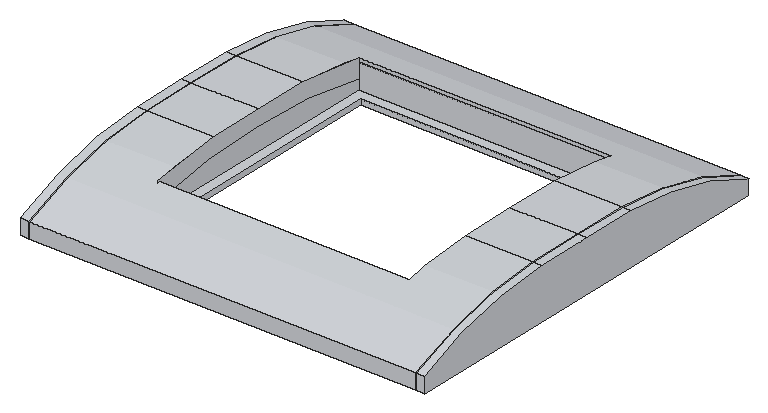
Revit family "Gira_0211761", category Electrical Fixtures, host Face, Revit 2017
Family settings
  Host = Face
  Maintain Annotation Orientation = No
  Round Connector Dimension = Use Diameter
  Part Type = Normal
  Cut with Voids When Loaded = No
  Shared = No
  Room Calculation Point = No
Parameters (values of type "Abdeckrahmen 1f Zwischenr. CW Gira Event Klar Braun")
  Werkstoffgüte = "Thermoplast"
  Werkstoff = "Kunststoff"
  URL = "http://katalog.gira.de/de_DE/datenblatt.html?artikelnr=0211761"
  Transparent = "No"
  Textfeld/Beschriftungsfläche = "No"
  Schutzart (IP) = "IP20"
  Region = "DE"
  Oberfläche = "sonstige"
  Name = "Abdeckrahmen 1f Zwischenr. CW Gira Event Klar Braun"
  Montagerichtung = "horizontal und vertikal"
  Mit Montagerahmen = "No"
  Mit Klappdeckel = "No"
  Manufacturer URL = "https://www.gira.de/"
  Keynote = "Event_Rahmen_1fach"
  HeinzeBIM = "https://bimportal.heinze.de/bim/abdeckrahmen-1f-zwischenr-cw-gira-event-klar-braun/fe708bc451ba1eaf7e4ddd17984edff1f106726d"
  Halogenfrei = "Yes"
  HAN = "0211761"
  Geeignet für Unterputz-Installation = "Yes"
  Geeignet für Unterflurkanaldose = "No"
  Geeignet für Geräteeinbaukanal = "No"
  Geeignet für Einbauinstallation = "No"
  GTIN = "4010337069270"
  Farbe = "braun"
  Default Elevation = 1219.2 mm
  Data sheet (1) = "https://katalog.gira.de/de_DE/download.html?artikelnr=0211761"
  Category = "Abdeckrahmen"
  Befestigungsart = "Klemmbefestigung"
  Available = "Yes"
  Ausführung der Oberfläche = "glänzend"
  Anzahl der Einheiten vertikal = "1 "
  Anzahl der Einheiten horizontal = "1 "
  Anzahl der Einheiten = "1 "
Reference planes
  plane 1 "Center (Front/Back)": y = 0
  plane 2: z = 0
  plane 3 "Center (Left/Right)": x = 0
Forms (mm)
  Extrusion 1, solid, detail levels fine
    sketch origin (0, 0, 1.55) x (0, 1, 0) y (0, 0, 1)
      loop
        arc (12.445, 9.683) -> (6.223, 9.833) -> (0, 9.85) r 291.636
        arc (0, 9.85) -> (-6.223, 9.833) -> (-12.445, 9.683) r 291.636
        arc (-12.445, 9.683) -> (-29.14, 7.482) -> (-45, 1.823) r 79.728
        line (-45, 1.823) -> (-45, -1.55) -> (-41.777, -1.55) -> (-41.777, -0.55)
        arc (-41.777, -0.55) -> (-21.205, 4.846) -> (0, 6.467) r 118.15
        arc (0, 6.467) -> (21.205, 4.846) -> (41.777, -0.55) r 118.15
        line (41.777, -0.55) -> (41.777, -1.55) -> (45, -1.55) -> (45, 1.823)
        arc (45, 1.823) -> (29.14, 7.482) -> (12.445, 9.683) r 79.728
    from -43 to 43
  Extrusion 2, void, detail levels fine
    sketch origin (0, 0, 0) x (1, 0, 0) y (0, 1, 0)
      loop
        line (-28, -28) -> (28, -28) -> (28, 28) -> (-28, 28) -> (-28, -28)
    from 2.85 to 12
  Extrusion 3, solid, detail levels coarse
    sketch origin (0, 0, 0) x (1, 0, 0) y (0, 1, 0)
      loop
        line (-45, 45) -> (-45, -45) -> (45, -45) -> (45, 45) -> (-45, 45)
    from 0 to 11.4
  Extrusion 4, solid, detail levels medium
    sketch origin (0, 0, 1.55) x (0, 1, 0) y (0, 0, 1)
      loop
        arc (12.445, 9.683) -> (6.223, 9.833) -> (0, 9.85) r 291.636
        arc (0, 9.85) -> (-6.223, 9.833) -> (-12.445, 9.683) r 291.636
        arc (-12.445, 9.683) -> (-29.14, 7.482) -> (-45, 1.823) r 79.728
        line (-45, 1.823) -> (-45, -1.55) -> (45, -1.55) -> (45, 1.823)
        arc (45, 1.823) -> (29.14, 7.482) -> (12.445, 9.683) r 79.728
    from -45 to 45
  Extrusion 5, solid, detail levels fine
    sketch origin (0, 0, 0) x (0, 1, 0) y (0, 0, 1)
      loop
        arc (45, 3.373) -> (29.14, 9.032) -> (12.445, 11.233) r 79.728
        arc (12.445, 11.233) -> (6.223, 11.383) -> (0, 11.4) r 291.636
        arc (0, 11.4) -> (-6.223, 11.383) -> (-12.445, 11.233) r 291.636
        arc (-12.445, 11.233) -> (-29.14, 9.032) -> (-45, 3.373) r 79.728
        line (-45, 3.373) -> (-45, 0) -> (45, 0) -> (45, 3.373)
    from 43 to 45
  Extrusion 6, solid, detail levels fine
    sketch origin (0, 0, 0) x (0, 1, 0) y (0, 0, -1)
      loop
        line (45, -3.373) -> (45, 0) -> (-45, 0) -> (-45, -3.373)
        arc (-45, -3.373) -> (-29.14, -9.032) -> (-12.445, -11.233) r 79.728
        arc (-12.445, -11.233) -> (-6.223, -11.383) -> (0, -11.4) r 291.636
        arc (0, -11.4) -> (6.223, -11.383) -> (12.445, -11.233) r 291.636
        arc (12.445, -11.233) -> (29.14, -9.032) -> (45, -3.373) r 79.728
    from 43 to 45
  Extrusion 7, solid, detail levels fine
    sketch origin (0, 0, 0) x (1, 0, 0) y (0, 1, 0)
      loop
        line (-25.7, 25.7) -> (-25.7, -25.7) -> (25.7, -25.7) -> (25.7, 25.7) -> (-25.7, 25.7)
      loop
        line (-29.495, 27.895) -> (-29.495, -27.895)
        spline (-29.495, -27.895) -> (-29.486, -28.025) -> (-29.461, -28.154) -> (-29.419, -28.278) -> (-29.361, -28.395) -> (-29.288, -28.504) -> (-29.202, -28.602) -> (-29.104, -28.688) -> (-28.995, -28.761) -> (-28.878, -28.819) -> (-28.754, -28.861) -> (-28.625, -28.886) -> (-28.495, -28.895)
        line (-28.495, -28.895) -> (28.495, -28.895)
        spline (28.495, -28.895) -> (28.625, -28.886) -> (28.754, -28.861) -> (28.878, -28.819) -> (28.995, -28.761) -> (29.104, -28.688) -> (29.202, -28.602) -> (29.288, -28.504) -> (29.361, -28.395) -> (29.419, -28.278) -> (29.461, -28.154) -> (29.486, -28.025) -> (29.495, -27.895)
        line (29.495, -27.895) -> (29.495, 27.895)
        spline (29.495, 27.895) -> (29.486, 28.025) -> (29.461, 28.154) -> (29.419, 28.278) -> (29.361, 28.395) -> (29.288, 28.504) -> (29.202, 28.602) -> (29.104, 28.688) -> (28.995, 28.761) -> (28.878, 28.819) -> (28.754, 28.861) -> (28.625, 28.886) -> (28.495, 28.895)
        line (28.495, 28.895) -> (-28.495, 28.895)
        spline (-28.495, 28.895) -> (-28.625, 28.886) -> (-28.754, 28.861) -> (-28.878, 28.819) -> (-28.995, 28.761) -> (-29.104, 28.688) -> (-29.202, 28.602) -> (-29.288, 28.504) -> (-29.361, 28.395) -> (-29.419, 28.278) -> (-29.461, 28.154) -> (-29.486, 28.025) -> (-29.495, 27.895)
    from 1.673 to 8.5
Cuts and joins
  Extrusion 2 cuts Extrusion 1
  Extrusion 2 cuts Extrusion 7
Dimensions and locks
  aligned and locked: plane 2 to host face
  aligned and locked: level to host face
